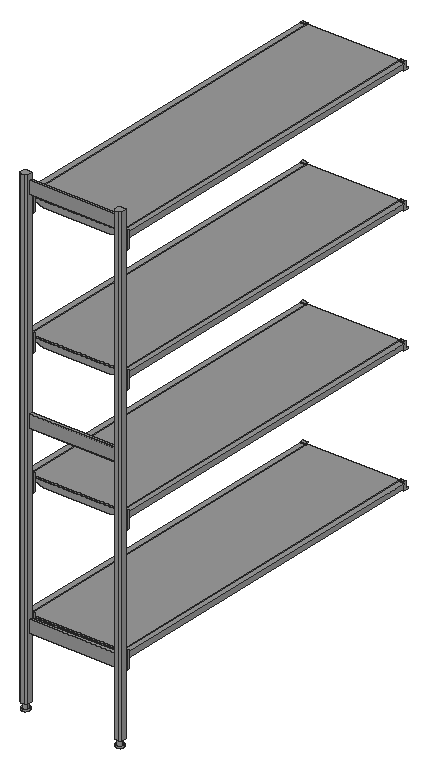
Revit family "QF_ZANUSSI_137056_ACS1272", category Attrezzature speciali, Revit 2020
Family settings
  Quota connettore circolare = Usa diametro
  Tipo di parte = Normale
  Basato su piano di lavoro = No
  Sempre verticale = Sì
  Taglio con vuoti quando caricato = No
  Condiviso = No
  Punto di calcolo locali = No
Parameters (values of type "Standard")
  Weight = 20.00 kg
  Watts = 0 W
  Volts = 0 V
  URL Manufacturer = "http://www.zanussiprofessional.com"
  URL = "http://www.zanussiprofessional.com"
  Steam Supply Size = 0 mm
  Steam Supply Minimum Pressure = 0.0 Pa
  Steam Supply Maximum Pressure = 0.0 Pa
  Steam Consumption per Hour = 0
  Refrigeration Suction Line Size = 0.0 mm
  Refrigeration Liquid Line Size = 0.0 mm
  Refrigerant Compressor Remote = yes
  Prospetto di default = 0.0 mm
  Phase = 0
  Modello = "ACS1272"
  Produttore = "Zanussi"
  Length Actual = 1276.0 mm  # constant formula
  Item Number = "137056"
  Hot Water Size = 0 mm
  Height Actual = 1700.0 mm  # constant formula
  HP = "0 HP"
  Gas Size = 0 mm
  Gas KW = 0
  Gas Input Pressure = 0 W
  Direct Waste Size = 0 mm
  Descrizione = "ALUM.CORNER SHELV.-POLY.TIERS-373X1276MM"
  Depth Actual = 373.0 mm  # constant formula
  Cycle = 0 Hz
  Condensate Return Size = 0 mm
  Compressed Air Volume = 0.0 L/s
  Compressed Air Size = 0 mm
  Compressed Air Pressure = 0.0 Pa
  Cold Water Size = 0 mm
  Accessory = yes
Reference planes
  plane 1: z = 0
  plane 2 "Center (F/B)": y = -163.5
  plane 3 "Front": y = -549.5
  plane 4 "Left": x = -217.5
  plane 5 "Right": x = 155.5
  plane 6 "TOP": z = 1700
  plane 7: y = -517.5
  plane 8: y = 722.5
  plane 9 "Center (Left/Right)": x = -31
  plane 10: y = 717.5
  plane 11: x = -186
  plane 12: x = 124
  plane 13 "FEET": z = 25
  plane 14: z = 275
  plane 15: z = 725
  plane 16: z = 1175
  plane 17: z = 1625
  plane 18 "CXLeft": y = -535.5
  plane 19: x = -200
  plane 20 "CYBack": x = -200
  plane 21 "CYFront": x = 138
  plane 22 "Back": y = 726.5
  plane 23 "LEFT_ORIGIN": x = -251.5
  plane 24 "BACK_Origin": y = 1099.5
Forms (mm)
  Extrusion 1, solid, material "QF_Aluminum"
    sketch origin (0, -549.5, 0) x (-1, 0, 0) y (0, 0, 1)
      loop
        line (198.5, 1650.994) -> (198.5, 1632.998) -> (217.5, 1632.998) -> (217.5, 1650.994) -> (198.5, 1650.994)
      loop
        line (-136.5, 1650.994) -> (-155.5, 1650.994) -> (-155.5, 1632.998) -> (-136.5, 1632.998) -> (-136.5, 1650.994)
      loop
        line (198.5, 1200.994) -> (198.5, 1182.998) -> (217.5, 1182.998) -> (217.5, 1200.994) -> (198.5, 1200.994)
      loop
        line (-136.5, 1200.994) -> (-155.5, 1200.994) -> (-155.5, 1182.998) -> (-136.5, 1182.998) -> (-136.5, 1200.994)
      loop
        line (198.5, 750.994) -> (198.5, 732.998) -> (217.5, 732.998) -> (217.5, 750.994) -> (198.5, 750.994)
      loop
        line (-136.5, 750.994) -> (-155.5, 750.994) -> (-155.5, 732.998) -> (-136.5, 732.998) -> (-136.5, 750.994)
      loop
        line (198.5, 300.994) -> (198.5, 282.998) -> (217.5, 282.998) -> (217.5, 300.994) -> (198.5, 300.994)
      loop
        line (-136.5, 300.994) -> (-155.5, 300.994) -> (-155.5, 282.998) -> (-136.5, 282.998) -> (-136.5, 300.994)
    from 32 to 1272
  Extrusion 2, solid, material "QF_Polyethylene"
    sketch origin (0, -549.5, 0) x (-1, 0, 0) y (0, 0, 1)
      loop
        line (196.507, 1650.994) -> (-134.5, 1650.994) -> (-134.5, 1644.496) -> (196.507, 1644.496) -> (196.507, 1650.994)
      loop
        line (196.507, 1200.994) -> (-134.5, 1200.994) -> (-134.5, 1194.496) -> (196.507, 1194.496) -> (196.507, 1200.994)
      loop
        line (196.507, 750.994) -> (-134.5, 750.994) -> (-134.5, 744.496) -> (196.507, 744.496) -> (196.507, 750.994)
      loop
        line (196.507, 300.994) -> (-134.5, 300.994) -> (-134.5, 294.496) -> (196.507, 294.496) -> (196.507, 300.994)
    from 32 to 1272
Lines and regions (mm)
  symbolic lines
    curve 1: line (-198.5, 722.5, 1700) -> (-198.5, -517.5, 1700)
    curve 2: line (-217.5, -521.5, 1700) -> (-217.5, 722.5, 1700)
    curve 3: line (155.5, -521.5, 1700) -> (155.5, 722.5, 1700)
    curve 4: line (-181.507, -517.5, 1700) -> (119.507, -517.5, 1700)
    curve 5: line (136.5, -517.5, 1700) -> (136.5, 722.5, 1700)
    curve 6: line (-198.5, 722.5, 1700) -> (136.5, 722.5, 1700)
Dimensions and locks
  plane 3 "Front" to plane 2 "Center (F/B)" = 386.0 mm
  locked: plane 6 "TOP" to level at 1700
  locked: plane 4 "Left" to plane 5 "Right" at 373
  locked: plane 7 to plane 8 at 1240
  locked: plane 3 "Front" to plane 7 at 32
  plane 10 to plane 8 = 5.0 mm
  locked: plane 11 to plane 12 at 310
  equal spacing: plane 11, plane 9 "Center (Left/Right)", plane 12
  equal spacing: plane 4 "Left", plane 9 "Center (Left/Right)", plane 5 "Right"
  plane 13 "FEET" to level = 25.0 mm
  plane 6 "TOP" to plane 13 "FEET" = 1675.0 mm
  plane 14 to plane 13 "FEET" = 250.0 mm
  plane 15 to plane 14 = 450.0 mm
  plane 16 to plane 15 = 450.0 mm
  plane 17 to plane 16 = 450.0 mm
  locked: plane 3 "Front" to plane 18 "CXLeft" at 14
  locked: plane 3 "Front" to plane 22 "Back" at 1276
  plane 23 "LEFT_ORIGIN" to plane 5 "Right" = 407.0 mm
  locked: plane 22 "Back" to plane 24 "BACK_Origin" at 373
  aligned and locked: level to plane 1
  aligned and locked: Extrusion 2 to plane 7
  aligned and locked: plane 8 to Extrusion 2
  aligned and locked: Extrusion 1 to plane 7
  aligned and locked: plane 8 to Extrusion 1
  aligned and locked: Extrusion 1 sketch curve to Extrusion 1 sketch curve  (x2)
  aligned and locked: nested 1 to plane 18 "CXLeft"
  aligned and locked: nested 2 to plane 10
Automatic sketch dimensions
  curve 2 to plane 4 "Left" = 0.0 mm
  curve 3 to plane 5 "Right" = 0.0 mm
  plane 7 to curve 1 = 0.0 mm
  plane 7 to curve 4 = 0.0 mm
  plane 7 to curve 5 = 0.0 mm
  plane 8 to curve 2 = 0.0 mm
  plane 8 to curve 1 = 0.0 mm
  plane 8 to curve 3 = 0.0 mm
  plane 21 "CYFront" to curve 5 = 1.5 mm
  plane 19 to curve 6 = 1.5 mm
  plane 7 to curve 3 = 4.0 mm
  plane 7 to curve 2 = 4.0 mm
  plane 12 to curve 4 = 4.493 mm
  curve 4 to plane 11 = 4.493 mm
  plane 5 "Right" to Extrusion 1 sketch curve = 0.0 mm  (x4)
  plane 4 "Left" to Extrusion 1 sketch curve = 0.0 mm  (x4)
  plane 21 "CYFront" to Extrusion 1 sketch curve = 1.5 mm  (x2)
  plane 19 to Extrusion 1 sketch curve = 1.5 mm  (x4)
  plane 14 to Extrusion 1 sketch curve = 7.998 mm  (x2)
  Extrusion 1 sketch curve to Extrusion 1 sketch curve = 17.997 mm  (x8)
  plane 15 to Extrusion 1 sketch curve = 7.998 mm  (x2)
  plane 16 to Extrusion 1 sketch curve = 7.998 mm  (x2)
  plane 17 to Extrusion 1 sketch curve = 7.998 mm  (x2)
  plane 21 "CYFront" to Extrusion 2 sketch curve = 3.5 mm  (x4)
  plane 19 to Extrusion 2 sketch curve = 3.493 mm  (x4)
  plane 14 to Extrusion 2 sketch curve = 19.496 mm
  Extrusion 2 sketch curve to Extrusion 2 sketch curve = 6.499 mm  (x4)
  plane 15 to Extrusion 2 sketch curve = 19.496 mm
  plane 16 to Extrusion 2 sketch curve = 19.496 mm
  plane 17 to Extrusion 2 sketch curve = 19.496 mm
Nested families
  nested 1: "WT_Anta373" at (-194.5, -132.5, 0) x (0, 1, 0) z (0, 0, 1), type "WT_Anta373"
  nested 2: "WT_Aggancio373" at (-194.5, 1134.5, 0) x (0, 1, 0) z (0, 0, 1), type "WT_Aggancio373"
Definition of nested family "WT_Anta373"
  Parameters
    WidthLeft = A + 64.0 mm  # 772.0 mm
    Width = 1606.0 mm
    Right = WidthLeft / 2  # 386.0 mm
    Default Elevation = 0.0 mm
    Left = -WidthLeft / 2  # -386.0 mm
    Height = 1725.0 mm
    FEET = 25.0 mm
    E = 0.0 mm
    Dint = Depth - 63.0 mm  # 310.0 mm
    Dext = Depth - 8.0 mm  # 365.0 mm
    Depth = 373.0 mm
    DX = (WidthLeft - A) / 2  # 32.0 mm
    B = 798.0 mm
    A = 708.0 mm
  Reference planes
    plane 1: z = 0
    plane 2 "LEFT": x = -417
    plane 3 "BACK": y = 23
    plane 4 "FRONT": y = -350
    plane 5 "TOP": z = 1725
    plane 6 "Center (Front/Back)": y = -163.5
    plane 7: y = -8.5
    plane 8: y = -318.5
    plane 9 "FEET": z = 25
    plane 10: z = 275
    plane 11: z = 725
    plane 12: z = 1175
    plane 13: z = 1625
    plane 14 "CXLeft": x = -403
    plane 15: y = 5.5
    plane 16 "CYBack": y = 5.5
    plane 17 "CYFront": y = -332.5
    plane 18: x = -385.031
    plane 19: x = -380.031
  Forms (mm)
    Extrusion 1, solid
      sketch origin (0, 0, 0) x (1, 0, 0) y (0, 1, 0)
        loop
          line (-417, 13.246) -> (-417, -2.246) -> (-410.746, -8.5) -> (-395.254, -8.5) -> (-389, -2.246) -> (-389, 13.246) -> (-395.254, 19.5) -> (-410.746, 19.5) -> (-417, 13.246)
      from 1725 to 25
    Extrusion 2, solid
      sketch origin (-417, 0, 0) x (0, 1, 0) y (0, 0, 1)
        loop
          line (23, 246.005) -> (23, 307.993) -> (-12.993, 307.993) -> (-12.993, 246.005) -> (23, 246.005)
        loop
          line (-350, 246.005) -> (-314.007, 246.005) -> (-314.007, 307.993) -> (-350, 307.993) -> (-350, 246.005)
        loop
          line (23, 696.005) -> (23, 757.993) -> (-12.993, 757.993) -> (-12.993, 696.005) -> (23, 696.005)
        loop
          line (-350, 696.005) -> (-314.007, 696.005) -> (-314.007, 757.993) -> (-350, 757.993) -> (-350, 696.005)
        loop
          line (23, 1146.005) -> (23, 1207.993) -> (-12.993, 1207.993) -> (-12.993, 1146.005) -> (23, 1146.005)
        loop
          line (-350, 1146.005) -> (-314.007, 1146.005) -> (-314.007, 1207.993) -> (-350, 1207.993) -> (-350, 1146.005)
        loop
          line (23, 1596.005) -> (23, 1657.993) -> (-12.993, 1657.993) -> (-12.993, 1596.005) -> (23, 1596.005)
        loop
          line (-350, 1596.005) -> (-314.007, 1596.005) -> (-314.007, 1657.993) -> (-350, 1657.993) -> (-350, 1596.005)
      from 28 to 32
    Revolve 3, solid
      sketch origin (-403, 0, 0) x (0, 1, 0) y (0, 0, 1)
        loop
          line (5.5, 25) -> (5.5, 0) -> (19, 0) -> (19, 5) -> (14, 5) -> (14, 25) -> (5.5, 25)
        axis (5.5, 25) -> (5.5, 0)
      angle from 0 to 360
    Extrusion 4, solid
      sketch origin (-403, 0, 0) x (0, 1, 0) y (0, 0, 1)
        loop
          line (-8.5, 912.382) -> (-8.5, 957.374) -> (-318.5, 957.374) -> (-318.5, 912.382) -> (-8.5, 912.382)
        loop
          line (-8.5, 1662.244) -> (-8.5, 1707.236) -> (-318.5, 1707.236) -> (-318.5, 1662.244) -> (-8.5, 1662.244)
      from -5 to 5
    Revolve 5, solid
      sketch origin (-403, -627, 0) x (0, -1, 0) y (0, 0, 1)
        loop
          line (-294.5, 25) -> (-294.5, 0) -> (-281, 0) -> (-281, 5) -> (-286, 5) -> (-286, 25) -> (-294.5, 25)
        axis (-294.5, 25) -> (-294.5, 0)
      angle from 0 to 360
    Extrusion 6, solid
      sketch origin (0, -627, 0) x (1, 0, 0) y (0, 1, 0)
        loop
          line (-417, 286.754) -> (-410.746, 280.5) -> (-395.254, 280.5) -> (-389, 286.754) -> (-389, 302.246) -> (-395.254, 308.5) -> (-410.746, 308.5) -> (-417, 302.246) -> (-417, 286.754)
      from 1725 to 25
    Extrusion 7, solid
      sketch origin (-417.031, -0.022, 0) x (0, 1, 0) y (0, 0, -1)
        loop
          line (-12, -1632.998) -> (-46, -1620.994) -> (-281, -1620.994) -> (-315, -1632.998) -> (-331, -1632.998) -> (-331, -1650.994) -> (-329, -1650.994) -> (-329, -1644.496) -> (2.007, -1644.496) -> (2.007, -1650.994) -> (4, -1650.994) -> (4, -1632.998) -> (-12, -1632.998)
        loop
          line (-12, -1182.998) -> (-46, -1170.994) -> (-281, -1170.994) -> (-315, -1182.998) -> (-331, -1182.998) -> (-331, -1200.994) -> (-329, -1200.994) -> (-329, -1194.496) -> (2.007, -1194.496) -> (2.007, -1200.994) -> (4, -1200.994) -> (4, -1182.998) -> (-12, -1182.998)
        loop
          line (-12, -732.998) -> (-46, -720.994) -> (-281, -720.994) -> (-315, -732.998) -> (-331, -732.998) -> (-331, -750.994) -> (-329, -750.994) -> (-329, -744.496) -> (2.007, -744.496) -> (2.007, -750.994) -> (4, -750.994) -> (4, -732.998) -> (-12, -732.998)
        loop
          line (-12, -282.998) -> (-46, -270.994) -> (-281, -270.994) -> (-315, -282.998) -> (-331, -282.998) -> (-331, -300.994) -> (-329, -300.994) -> (-329, -294.496) -> (2.007, -294.496) -> (2.007, -300.994) -> (4, -300.994) -> (4, -282.998) -> (-12, -282.998)
      from -32 to -37
    Extrusion 8, solid
      sketch origin (-403, 0, -659.878) x (0, 1, 0) y (0, 0, 1)
        loop
          line (-8.5, 912.382) -> (-8.5, 957.374) -> (-318.5, 957.374) -> (-318.5, 912.382) -> (-8.5, 912.382)
        loop
          line (-8.5, 1572.382) -> (-8.5, 1617.374) -> (-318.5, 1617.374) -> (-318.5, 1572.382) -> (-8.5, 1572.382)
        loop
          line (-8.5, 2322.382) -> (-8.5, 2367.374) -> (-318.5, 2367.374) -> (-318.5, 2322.382) -> (-8.5, 2322.382)
      from -5 to 5
  Lines and regions (mm)
    symbolic lines
      curve 1: line (-408, -8.5, 1725) -> (-408, -318.5, 1725)
      curve 2: line (-398, -318.5, 1725) -> (-398, -8.5, 1725)
      curve 3: line (-395.254, -8.5, 1725) -> (-410.746, -8.5, 1725)
      curve 4: line (-417, -2.246, 1725) -> (-410.746, -8.5, 1725)
      curve 5: line (-417, 13.246, 1725) -> (-417, -2.246, 1725)
      curve 6: line (-410.746, 19.5, 1725) -> (-417, 13.246, 1725)
      curve 7: line (-395.254, 19.5, 1725) -> (-410.746, 19.5, 1725)
      curve 8: line (-389, 13.246, 1725) -> (-395.254, 19.5, 1725)
      curve 9: line (-395.254, -8.5, 1725) -> (-389, -2.246, 1725)
      curve 10: line (-395.254, -318.5, 1725) -> (-410.746, -318.5, 1725)
      curve 11: line (-417, -324.754, 1725) -> (-410.746, -318.5, 1725)
      curve 12: line (-410.746, -346.5, 1725) -> (-417, -340.246, 1725)
      curve 13: line (-395.254, -346.5, 1725) -> (-410.746, -346.5, 1725)
      curve 14: line (-389, -340.246, 1725) -> (-395.254, -346.5, 1725)
      curve 15: line (-395.254, -318.5, 1725) -> (-389, -324.754, 1725)
      curve 16: line (-389, -350, 1725) -> (-389, -314.007, 1725)
      curve 17: line (-389, -314.007, 1725) -> (-385, -314.007, 1725)
      curve 18: line (-389, 23, 1725) -> (-389, -12.993, 1725)
      curve 19: line (-389, -12.993, 1725) -> (-385, -12.993, 1725)
      curve 20: line (-417, -324.754, 1725) -> (-417, -340.246, 1725)
      curve 21: line (-385, -350, 1725) -> (-385, -314.007, 1725)
      curve 22: line (-385, -350, 1725) -> (-389, -350, 1725)
      curve 23: line (-385, 23, 1725) -> (-389, 23, 1725)
      curve 24: line (-385, -12.993, 1725) -> (-385, 23, 1725)
      curve 25: line (-385.031, -13.016, 1725) -> (-385.031, -314.029, 1725)
  Dimensions and locks
    "Height": plane 5 "TOP" to level
    "Depth": plane 3 "BACK" to plane 4 "FRONT"
    "Dint": plane 7 to plane 8
    equal spacing: plane 7, plane 6 "Center (Front/Back)", plane 8
    equal spacing: plane 3 "BACK", plane 6 "Center (Front/Back)", plane 4 "FRONT"
    plane 9 "FEET" to level = 25.0 mm
    plane 5 "TOP" to plane 9 "FEET" = 1700.0 mm
    plane 10 to plane 9 "FEET" = 250.0 mm
    plane 11 to plane 10 = 450.0 mm
    plane 12 to plane 11 = 450.0 mm
    plane 13 to plane 12 = 450.0 mm
    locked: plane 2 "LEFT" to plane 14 "CXLeft" at 14
    locked: plane 3 "BACK" to plane 16 "CYBack" at 17.5
    locked: plane 17 "CYFront" to plane 4 "FRONT" at 17.5
    locked: Revolve 3 sketch curve to Revolve 3 sketch curve at 8.5
    locked: Revolve 3 sketch curve to plane 16 "CYBack" at 13.5
    locked: Revolve 5 sketch curve to Revolve 5 sketch curve at 8.5
    aligned and locked: level to plane 1
    aligned and locked: curve 20 to Extrusion 6
    aligned and locked: plane 5 "TOP" to Extrusion 1
    aligned and locked: plane 5 "TOP" to Extrusion 6
    aligned and locked: Extrusion 7 sketch curve to Extrusion 7 sketch curve  (x3)
  Automatic sketch dimensions
    curve 16 to plane 4 "FRONT" = 0.0 mm
    curve 11 to plane 8 = 0.0 mm
    curve 9 to plane 7 = 0.0 mm
    curve 5 to plane 2 "LEFT" = 0.0 mm
    curve 23 to plane 3 "BACK" = 0.0 mm
    plane 4 "FRONT" to curve 13 = 3.5 mm
    curve 20 to plane 17 "CYFront" = 7.746 mm
    curve 20 to plane 8 = 6.254 mm
    plane 8 to curve 16 = 4.493 mm
    curve 24 to plane 18 = 0.031 mm
    curve 24 to plane 7 = 4.493 mm
    plane 7 to curve 5 = 6.254 mm
    curve 5 to plane 15 = 7.746 mm
    curve 6 to plane 3 "BACK" = 3.5 mm
    curve 21 to plane 18 = 0.031 mm
    plane 18 to curve 23 = 3.969 mm
    plane 18 to curve 16 = 3.969 mm
    curve 18 to curve 8 = 6.254 mm
    curve 18 to curve 3 = 6.254 mm
    curve 16 to curve 13 = 6.254 mm
    curve 16 to curve 15 = 6.254 mm
    plane 2 "LEFT" to curve 10 = 6.254 mm
    plane 2 "LEFT" to curve 7 = 6.254 mm
    plane 2 "LEFT" to curve 12 = 6.254 mm
    plane 2 "LEFT" to curve 3 = 6.254 mm
    curve 14 to plane 17 "CYFront" = 7.746 mm
    curve 15 to plane 8 = 6.254 mm
    plane 7 to curve 9 = 6.254 mm
    curve 8 to plane 15 = 7.746 mm
    curve 3 to curve 2 = 2.746 mm
    curve 1 to curve 10 = 2.746 mm
    Extrusion 1 sketch curve to plane 2 "LEFT" = 0.0 mm
    Extrusion 1 sketch curve to plane 7 = 0.0 mm
    plane 2 "LEFT" to Extrusion 1 sketch curve = 6.254 mm  (x2)
    plane 14 "CXLeft" to Extrusion 1 sketch curve = 7.746 mm  (x2)
    Extrusion 1 sketch curve to plane 3 "BACK" = 3.5 mm
    plane 18 to Extrusion 1 sketch curve = 3.969 mm
    plane 7 to Extrusion 1 sketch curve = 6.254 mm  (x2)
    Extrusion 1 sketch curve to plane 15 = 7.746 mm  (x2)
    Extrusion 2 sketch curve to plane 4 "FRONT" = 0.0 mm  (x4)
    Extrusion 2 sketch curve to plane 3 "BACK" = 0.0 mm  (x4)
    plane 8 to Extrusion 2 sketch curve = 4.493 mm  (x4)
    Extrusion 2 sketch curve to plane 7 = 4.493 mm  (x4)
    Extrusion 2 sketch curve to plane 10 = 28.995 mm  (x2)
    plane 10 to Extrusion 2 sketch curve = 32.993 mm  (x2)
    Extrusion 2 sketch curve to plane 11 = 28.995 mm  (x2)
    plane 11 to Extrusion 2 sketch curve = 32.993 mm  (x2)
    Extrusion 2 sketch curve to plane 12 = 28.995 mm  (x2)
    plane 12 to Extrusion 2 sketch curve = 32.993 mm  (x2)
    Extrusion 2 sketch curve to plane 13 = 28.995 mm  (x2)
    plane 13 to Extrusion 2 sketch curve = 32.993 mm  (x2)
    Revolve 3 sketch curve to plane 9 "FEET" = 0.0 mm  (x2)
    Revolve 3 sketch curve to plane 15 = 0.0 mm  (x2)
    Revolve 3 sketch curve to level = 0.0 mm
    level to Revolve 3 sketch curve = 5.0 mm
    Revolve 3 sketch curve to Revolve 3 sketch curve = 11.655 mm
    Extrusion 4 sketch curve to plane 8 = 0.0 mm  (x2)
    Extrusion 4 sketch curve to plane 7 = 0.0 mm  (x2)
    plane 11 to Extrusion 4 sketch curve = 187.382 mm
    Extrusion 4 sketch curve to Extrusion 4 sketch curve = 44.992 mm
    plane 13 to Extrusion 4 sketch curve = 37.244 mm
    Extrusion 4 sketch curve to plane 5 "TOP" = 17.764 mm
    Revolve 5 sketch curve to plane 9 "FEET" = 0.0 mm  (x2)
    Revolve 5 sketch curve to plane 17 "CYFront" = 0.0 mm  (x2)
    Revolve 5 sketch curve to level = 0.0 mm
    Revolve 5 sketch curve to plane 4 "FRONT" = 4.0 mm
    Revolve 5 sketch curve to Revolve 5 sketch curve = 5.0 mm
    level to Revolve 5 sketch curve = 11.655 mm
    Extrusion 6 sketch curve to plane 2 "LEFT" = 0.0 mm
    Extrusion 6 sketch curve to plane 8 = 0.0 mm
    Extrusion 6 sketch curve to plane 2 "LEFT" = 6.254 mm  (x2)
    Extrusion 6 sketch curve to plane 14 "CXLeft" = 7.746 mm  (x2)
    Extrusion 6 sketch curve to plane 4 "FRONT" = 3.5 mm
    Extrusion 6 sketch curve to plane 18 = 3.969 mm
    plane 8 to Extrusion 6 sketch curve = 6.254 mm  (x2)
    plane 17 "CYFront" to Extrusion 6 sketch curve = 7.746 mm  (x2)
    plane 17 "CYFront" to Extrusion 7 sketch curve = 1.478 mm  (x4)
    Extrusion 7 sketch curve to Extrusion 7 sketch curve = 2.0 mm
    plane 8 to Extrusion 7 sketch curve = 3.478 mm  (x4)
    Extrusion 7 sketch curve to plane 10 = 4.006 mm
    Extrusion 7 sketch curve to Extrusion 7 sketch curve = 34.0 mm  (x4)
    Extrusion 7 sketch curve to plane 11 = 4.006 mm
    Extrusion 7 sketch curve to plane 12 = 4.006 mm
    Extrusion 7 sketch curve to plane 13 = 4.006 mm
    Extrusion 7 sketch curve to plane 7 = 37.522 mm  (x4)
    Extrusion 7 sketch curve to plane 7 = 3.522 mm  (x4)
    plane 15 to Extrusion 7 sketch curve = 3.516 mm  (x4)
    plane 15 to Extrusion 7 sketch curve = 1.522 mm  (x4)
    plane 13 to Extrusion 7 sketch curve = 7.998 mm  (x2)
    Extrusion 7 sketch curve to Extrusion 7 sketch curve = 11.498 mm
    Extrusion 7 sketch curve to Extrusion 7 sketch curve = 6.499 mm  (x5)
    plane 12 to Extrusion 7 sketch curve = 25.994 mm  (x2)
    plane 12 to Extrusion 7 sketch curve = 7.998 mm  (x2)
    plane 11 to Extrusion 7 sketch curve = 25.994 mm  (x2)
    plane 11 to Extrusion 7 sketch curve = 7.998 mm  (x2)
    plane 10 to Extrusion 7 sketch curve = 25.994 mm  (x2)
    plane 10 to Extrusion 7 sketch curve = 7.998 mm  (x2)
    curve 25 to plane 18 = 0.0 mm
    plane 8 to curve 25 = 4.471 mm
    curve 25 to plane 7 = 4.516 mm
    Extrusion 8 sketch curve to plane 8 = 0.0 mm  (x3)
    Extrusion 8 sketch curve to plane 7 = 0.0 mm  (x3)
    Extrusion 8 sketch curve to plane 10 = 22.496 mm
    plane 10 to Extrusion 8 sketch curve = 22.496 mm
    plane 11 to Extrusion 8 sketch curve = 187.504 mm
    Extrusion 8 sketch curve to Extrusion 8 sketch curve = 44.992 mm
    plane 13 to Extrusion 8 sketch curve = 37.504 mm
    Extrusion 8 sketch curve to plane 5 "TOP" = 17.504 mm
Definition of nested family "WT_Aggancio373"
  Parameters
    WidthLeft = A + 64.0 mm  # 772.0 mm
    Width = 1606.0 mm
    Right = WidthLeft / 2  # 386.0 mm
    Default Elevation = 0.0 mm
    Left = -WidthLeft / 2  # -386.0 mm
    Height = 1725.0 mm
    FEET = 25.0 mm
    E = 0.0 mm
    Dint = Depth - 63.0 mm  # 310.0 mm
    Dext = Depth - 8.0 mm  # 365.0 mm
    Depth = 373.0 mm
    DX = (WidthLeft - A) / 2  # 32.0 mm
    B = 798.0 mm
    A = 708.0 mm
  Reference planes
    plane 1: z = 0
    plane 2 "LEFT": x = -417
    plane 3 "BACK": y = 23
    plane 4 "FRONT": y = -350
    plane 5 "TOP": z = 1725
    plane 6 "Center (Front/Back)": y = -163.5
    plane 7: y = -8.5
    plane 8: y = -318.5
    plane 9 "FEET": z = 25
    plane 10: z = 275
    plane 11: z = 725
    plane 12: z = 1175
    plane 13: z = 1625
    plane 14: y = 5.5
    plane 15 "CYBack": y = 5.5
    plane 16 "CYFront": y = -332.5
  Forms (mm)
    Extrusion 1, solid
      sketch origin (-380, -0.022, 0) x (0, 1, 0) y (0, 0, 1)
        loop
          line (-12, 1632.998) -> (4, 1632.998) -> (4, 1650.994) -> (2.007, 1650.994) -> (2.007, 1644.496) -> (-329, 1644.496) -> (-329, 1650.994) -> (-331, 1650.994) -> (-331, 1632.998) -> (-315, 1632.998) -> (-281, 1620.994) -> (-46, 1620.994) -> (-12, 1632.998)
        loop
          line (-12, 1182.998) -> (4, 1182.998) -> (4, 1200.994) -> (2.007, 1200.994) -> (2.007, 1194.496) -> (-329, 1194.496) -> (-329, 1200.994) -> (-331, 1200.994) -> (-331, 1182.998) -> (-315, 1182.998) -> (-281, 1170.994) -> (-46, 1170.994) -> (-12, 1182.998)
        loop
          line (-12, 732.998) -> (4, 732.998) -> (4, 750.994) -> (2.007, 750.994) -> (2.007, 744.496) -> (-329, 744.496) -> (-329, 750.994) -> (-331, 750.994) -> (-331, 732.998) -> (-315, 732.998) -> (-281, 720.994) -> (-46, 720.994) -> (-12, 732.998)
        loop
          line (-12, 282.998) -> (4, 282.998) -> (4, 300.994) -> (2.007, 300.994) -> (2.007, 294.496) -> (-329, 294.496) -> (-329, 300.994) -> (-331, 300.994) -> (-331, 282.998) -> (-315, 282.998) -> (-281, 270.994) -> (-46, 270.994) -> (-12, 282.998)
      from -32 to -37
    Extrusion 2, solid
      sketch origin (-793.062, -324.754, 6.5) x (1, 0, 0) y (0, 0, 1)
        loop
          line (385.062, 1644.496) -> (385.062, 1647.496) -> (376.062, 1647.496) -> (376.062, 1620.994) -> (390.031, 1620.994) -> (390.031, 1626.496) -> (381.062, 1626.496) -> (381.062, 1644.496) -> (385.062, 1644.496)
        loop
          line (385.062, 1194.496) -> (385.062, 1197.496) -> (376.062, 1197.496) -> (376.062, 1170.994) -> (390.031, 1170.994) -> (390.031, 1176.496) -> (381.062, 1176.496) -> (381.062, 1194.496) -> (385.062, 1194.496)
        loop
          line (385.062, 744.496) -> (385.062, 747.496) -> (376.062, 747.496) -> (376.062, 720.994) -> (390.031, 720.994) -> (390.031, 726.496) -> (381.062, 726.496) -> (381.062, 744.496) -> (385.062, 744.496)
        loop
          line (385.062, 294.496) -> (385.062, 297.496) -> (376.062, 297.496) -> (376.062, 270.994) -> (390.031, 270.994) -> (390.031, 276.496) -> (381.062, 276.496) -> (381.062, 294.496) -> (385.062, 294.496)
      from 6.268 to 25.246
    Extrusion 3, solid
      sketch origin (-793.062, 32.754, 6.5) x (1, 0, 0) y (0, 0, 1)
        loop
          line (385.062, 1644.496) -> (385.062, 1647.496) -> (376.062, 1647.496) -> (376.062, 1620.994) -> (390.031, 1620.994) -> (390.031, 1626.496) -> (381.062, 1626.496) -> (381.062, 1644.496) -> (385.062, 1644.496)
        loop
          line (385.062, 1194.496) -> (385.062, 1197.496) -> (376.062, 1197.496) -> (376.062, 1170.994) -> (390.031, 1170.994) -> (390.031, 1176.496) -> (381.062, 1176.496) -> (381.062, 1194.496) -> (385.062, 1194.496)
        loop
          line (385.062, 744.496) -> (385.062, 747.496) -> (376.062, 747.496) -> (376.062, 720.994) -> (390.031, 720.994) -> (390.031, 726.496) -> (381.062, 726.496) -> (381.062, 744.496) -> (385.062, 744.496)
        loop
          line (385.062, 294.496) -> (385.062, 297.496) -> (376.062, 297.496) -> (376.062, 270.994) -> (390.031, 270.994) -> (390.031, 276.496) -> (381.062, 276.496) -> (381.062, 294.496) -> (385.062, 294.496)
      from 9.754 to 28.776
  Lines and regions (mm)
    symbolic lines
      curve 1: line (-412, -350, 0) -> (-408, -350, 0)
      curve 2: line (-412, -331.022, 0) -> (-412, -350, 0)
      curve 3: line (-408, -331.022, 0) -> (-412, -331.022, 0)
      curve 4: line (-408, -350, 0) -> (-408, -331.022, 0)
      curve 5: line (-412, 3.978, 0) -> (-408, 3.978, 0)
      curve 6: line (-412, 23, 0) -> (-412, 3.978, 0)
      curve 7: line (-408, 23, 0) -> (-412, 23, 0)
      curve 8: line (-408, 3.978, 0) -> (-408, 23, 0)
  Dimensions and locks
    "Height": plane 5 "TOP" to level
    "Depth": plane 3 "BACK" to plane 4 "FRONT"
    "Dint": plane 7 to plane 8
    equal spacing: plane 7, plane 6 "Center (Front/Back)", plane 8
    equal spacing: plane 3 "BACK", plane 6 "Center (Front/Back)", plane 4 "FRONT"
    plane 9 "FEET" to level = 25.0 mm
    plane 5 "TOP" to plane 9 "FEET" = 1700.0 mm
    plane 10 to plane 9 "FEET" = 250.0 mm
    plane 11 to plane 10 = 450.0 mm
    plane 12 to plane 11 = 450.0 mm
    plane 13 to plane 12 = 450.0 mm
    locked: plane 3 "BACK" to plane 15 "CYBack" at 17.5
    locked: plane 16 "CYFront" to plane 4 "FRONT" at 17.5
    aligned and locked: level to plane 1
    aligned and locked: Extrusion 1 sketch curve to Extrusion 1 sketch curve  (x3)
  Automatic sketch dimensions
    plane 16 "CYFront" to Extrusion 1 sketch curve = 1.478 mm  (x4)
    Extrusion 1 sketch curve to Extrusion 1 sketch curve = 2.0 mm
    plane 8 to Extrusion 1 sketch curve = 3.478 mm  (x4)
    Extrusion 1 sketch curve to plane 10 = 4.006 mm
    Extrusion 1 sketch curve to Extrusion 1 sketch curve = 34.0 mm  (x4)
    Extrusion 1 sketch curve to plane 11 = 4.006 mm
    Extrusion 1 sketch curve to plane 12 = 4.006 mm
    Extrusion 1 sketch curve to plane 13 = 4.006 mm
    Extrusion 1 sketch curve to plane 7 = 37.522 mm  (x4)
    Extrusion 1 sketch curve to plane 7 = 3.522 mm  (x4)
    plane 14 to Extrusion 1 sketch curve = 3.516 mm  (x4)
    plane 14 to Extrusion 1 sketch curve = 1.522 mm  (x4)
    plane 10 to Extrusion 1 sketch curve = 7.998 mm  (x2)
    Extrusion 1 sketch curve to Extrusion 1 sketch curve = 11.498 mm  (x4)
    Extrusion 1 sketch curve to Extrusion 1 sketch curve = 6.499 mm  (x8)
    plane 11 to Extrusion 1 sketch curve = 7.998 mm  (x2)
    plane 12 to Extrusion 1 sketch curve = 7.998 mm  (x2)
    plane 13 to Extrusion 1 sketch curve = 7.998 mm  (x2)
    plane 2 "LEFT" to Extrusion 2 sketch curve = 0.0 mm  (x4)
    plane 13 to Extrusion 2 sketch curve = 7.996 mm
    plane 11 to Extrusion 2 sketch curve = 7.996 mm
    Extrusion 2 sketch curve to Extrusion 2 sketch curve = 5.0 mm  (x4)
    plane 11 to Extrusion 2 sketch curve = 2.494 mm
    plane 10 to Extrusion 2 sketch curve = 28.996 mm
    Extrusion 2 sketch curve to Extrusion 2 sketch curve = 3.0 mm  (x4)
    plane 10 to Extrusion 2 sketch curve = 7.996 mm
    plane 10 to Extrusion 2 sketch curve = 2.494 mm
    Extrusion 2 sketch curve to Extrusion 2 sketch curve = 18.0 mm  (x3)
    plane 12 to Extrusion 2 sketch curve = 2.494 mm
    plane 12 to Extrusion 2 sketch curve = 7.996 mm
    plane 13 to Extrusion 2 sketch curve = 2.494 mm
    plane 2 "LEFT" to Extrusion 3 sketch curve = 0.0 mm  (x4)
    plane 13 to Extrusion 3 sketch curve = 7.996 mm
    plane 11 to Extrusion 3 sketch curve = 7.996 mm
    Extrusion 3 sketch curve to Extrusion 3 sketch curve = 5.0 mm  (x4)
    plane 11 to Extrusion 3 sketch curve = 2.494 mm
    plane 10 to Extrusion 3 sketch curve = 28.996 mm
    Extrusion 3 sketch curve to Extrusion 3 sketch curve = 3.0 mm  (x4)
    plane 10 to Extrusion 3 sketch curve = 7.996 mm
    plane 10 to Extrusion 3 sketch curve = 2.494 mm
    Extrusion 3 sketch curve to Extrusion 3 sketch curve = 18.0 mm  (x3)
    plane 12 to Extrusion 3 sketch curve = 2.494 mm
    plane 12 to Extrusion 3 sketch curve = 7.996 mm
    plane 13 to Extrusion 3 sketch curve = 2.494 mm
    plane 2 "LEFT" to curve 1 = 5.0 mm
    plane 2 "LEFT" to curve 7 = 5.0 mm
    curve 1 to plane 16 "CYFront" = 17.5 mm
    curve 3 to plane 8 = 12.522 mm
    plane 7 to curve 5 = 12.478 mm
    curve 7 to plane 14 = 17.5 mm
    curve 5 to curve 5 = 4.0 mm
    curve 1 to curve 4 = 4.0 mm
    Extrusion 2 sketch curve to Extrusion 2 sketch curve = 4.0 mm  (x4)
    Extrusion 2 sketch curve to Extrusion 2 sketch curve = 8.969 mm  (x4)
    Extrusion 3 sketch curve to Extrusion 3 sketch curve = 4.0 mm  (x4)
    Extrusion 3 sketch curve to Extrusion 3 sketch curve = 8.969 mm  (x4)
